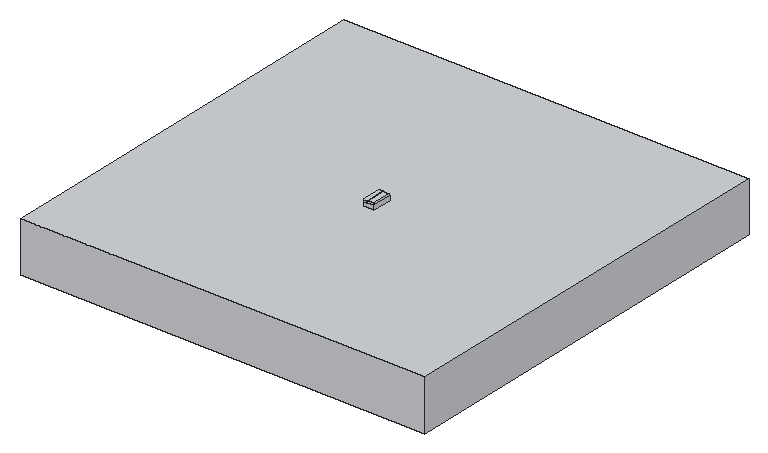
Revit family "M_Leitor de cartão", category Dispositivos de segurança, Revit 2019
Family settings
  Hospedeiro = Face
  Manter orientação da anotação = Sim
  Cota do conector redondo = Utilizar diâmetro
  Tipo de parte = Normal
  Número OmniClass = 23.85.30.11.11
  Título OmniClass = Access Control and Counting Systems
  ID de item do Seek = Card Reader-0000-CAN-ENU
  Corte com vazios quando carregada = Não
  Compartilhado = Não
  Ponto de cálculo do ambiente = Não
Parameters (values of type "Padrão")
  Comprimento 1 = Comprimento / 3  # 20.333 mm
  Altura da leitura = 10 mm
  Legenda = "CR"
  Elevação-padrão = 1200 mm
  Largura = 117 mm
  Material = none
  Comprimento = 61 mm
  Altura = 36 mm
Reference planes
  plane 1 "Centro (Frente/Trás)": y = 0
  plane 2: z = 0
  plane 3 "Centro (Esquerda/Direita)": x = 0
  plane 4: y = -117
  plane 5: x = -30.5
  plane 6: x = 30.5
  plane 7: z = 36
  plane 8: z = 26
  plane 9: x = -10.167
  plane 10: y = -2.54
  plane 11: y = -114.46
  plane 12: x = -27.96
  plane 13: x = -12.707
  plane 14: x = -7.627
  plane 15: x = 27.96
  plane 16: x = -5.087
Forms (mm)
  Extrusion 1, solid
    sketch origin (0, 0, 0) x (1, 0, 0) y (0, 1, 0)
      loop
        line (-1219.2, 1219.2) -> (-1219.2, -1219.2) -> (1219.2, -1219.2) -> (1219.2, 1219.2) -> (-1219.2, 1219.2)
    from 0 to -304.8
  Extrusion 2, solid, material <- "Material"
    sketch origin (0, 0, 0) x (1, 0, 0) y (0, 1, 0)
      loop
        line (-30.5, 0) -> (-30.5, -117) -> (30.5, -117) -> (30.5, 0) -> (-30.5, 0)
    from 0 to 26
  Extrusion 3, solid, material <- "Material"
    sketch origin (0, 0, 0) x (1, 0, 0) y (0, 1, 0)
      loop
        line (-30.5, -2.54) -> (-30.5, -114.46)
        arc (-30.5, -114.46) -> (-29.756, -116.256) -> (-27.96, -117) r 2.54
        line (-27.96, -117) -> (-12.707, -117)
        arc (-12.707, -117) -> (-10.911, -116.256) -> (-10.167, -114.46) r 2.54
        line (-10.167, -114.46) -> (-10.167, -2.54)
        arc (-10.167, -2.54) -> (-10.911, -0.744) -> (-12.707, 0) r 2.54
        line (-12.707, 0) -> (-27.96, 0)
        arc (-27.96, 0) -> (-29.756, -0.744) -> (-30.5, -2.54) r 2.54
    from 26 to 36
  Extrusion 4, solid, material <- "Material"
    sketch origin (0, 0, 0) x (1, 0, 0) y (0, 1, 0)
      loop
        line (27.96, 0) -> (-5.087, 0)
        arc (-5.087, 0) -> (-6.883, -0.744) -> (-7.627, -2.54) r 2.54
        line (-7.627, -2.54) -> (-7.627, -114.46)
        arc (-7.627, -114.46) -> (-6.883, -116.256) -> (-5.087, -117) r 2.54
        line (-5.087, -117) -> (27.96, -117)
        arc (27.96, -117) -> (29.756, -116.256) -> (30.5, -114.46) r 2.54
        line (30.5, -114.46) -> (30.5, -2.54)
        arc (30.5, -2.54) -> (29.756, -0.744) -> (27.96, 0) r 2.54
    from 26 to 36
Lines and regions (mm)
  symbolic lines, detail levels fine
    curve 1: line (-10.167, 0, 36) -> (-30.5, 0, 36)
    curve 2: line (-30.5, 0, 0) -> (30.5, 0, 0)
    curve 3: line (-30.5, 0, 26) -> (-30.5, 0, 0)
    curve 4: line (30.5, 0, 0) -> (30.5, 0, 26)
    curve 5: line (-30.5, 0, 36) -> (-30.5, 0, 26)
    curve 6: line (-10.167, 0, 36) -> (-10.167, 0, 26)
    curve 7: line (30.5, 0, 36) -> (30.5, 0, 26)
    curve 8: line (30.5, 0, 36) -> (-7.627, 0, 36)
    curve 9: line (30.5, 0, 26) -> (-30.5, 0, 26)
    curve 10: line (-7.627, 0, 36) -> (-7.627, 0, 26)
Dimensions and locks
  "Largura": plane 1 "Centro (Frente/Trás)" to plane 4
  "Altura da leitura": plane 7 to plane 8
  "Altura": plane 7 to plane 2
  "Comprimento 1": plane 5 to plane 9
  equal spacing: plane 5, plane 3 "Centro (Esquerda/Direita)", plane 6
  "Comprimento": plane 5 to plane 6
  locked: plane 1 "Centro (Frente/Trás)" to plane 10 at 2.54
  locked: plane 11 to plane 4 at 2.54
  locked: plane 5 to plane 12 at 2.54
  locked: plane 15 to plane 6 at 2.54
  locked: plane 13 to plane 9 at 2.54
  locked: plane 9 to plane 14 at 2.54
  locked: plane 14 to plane 16 at 2.54
  aligned and locked: plane 2 to Extrusion 1
  aligned and locked: level to Extrusion 1
  aligned and locked: plane 5 to Extrusion 2 sketch curve
  aligned and locked: plane 1 "Centro (Frente/Trás)" to Extrusion 2 sketch curve
  aligned and locked: plane 4 to Extrusion 2 sketch curve
  aligned and locked: Extrusion 2 sketch curve to plane 6
  aligned and locked: Extrusion 2 to plane 2
  aligned: plane 7 to Extrusion 2
  aligned and locked: plane 1 "Centro (Frente/Trás)" to nested 1
  aligned and locked: plane 3 "Centro (Esquerda/Direita)" to nested 1
  aligned and locked: plane 8 to Extrusion 2
  aligned and locked: plane 5 to Extrusion 3 sketch curve  (x2)
  aligned and locked: plane 13 to Extrusion 3 sketch curve
  aligned and locked: plane 9 to Extrusion 3 sketch curve
  aligned and locked: plane 11 to Extrusion 3 sketch curve  (x2)
  aligned and locked: plane 4 to Extrusion 3 sketch curve
  aligned and locked: plane 1 "Centro (Frente/Trás)" to Extrusion 3 sketch curve
  aligned and locked: Extrusion 3 sketch curve to plane 4
  aligned and locked: Extrusion 3 to plane 8
  aligned and locked: plane 7 to Extrusion 3
  aligned and locked: plane 15 to Extrusion 4 sketch curve
  aligned and locked: plane 6 to Extrusion 4 sketch curve
  aligned and locked: Extrusion 4 sketch curve to plane 6
  aligned and locked: Extrusion 4 to plane 8
  aligned and locked: plane 7 to Extrusion 4
  aligned and locked: curve 1 to Extrusion 3
  aligned and locked: curve 2 to Extrusion 2
  aligned and locked: curve 3 to Extrusion 2
  aligned and locked: curve 4 to Extrusion 2
  aligned and locked: curve 5 to Extrusion 3
  aligned and locked: curve 6 to Extrusion 3
  aligned and locked: curve 7 to Extrusion 4
  aligned and locked: plane 16 to Extrusion 4 sketch curve
  aligned and locked: plane 14 to Extrusion 4 sketch curve  (x2)
  aligned and locked: plane 11 to Extrusion 4 sketch curve
  aligned and locked: plane 4 to Extrusion 4 sketch curve  (x2)
  aligned and locked: plane 1 "Centro (Frente/Trás)" to Extrusion 4 sketch curve
  aligned and locked: curve 8 to Extrusion 4
  aligned and locked: curve 9 to Extrusion 2
  aligned and locked: curve 10 to Extrusion 4
Automatic sketch dimensions
  Extrusion 1 sketch curve to Extrusion 1 sketch curve = 2438.4 mm  (x2)
  Extrusion 3 sketch curve to plane 12 = 0 mm
  Extrusion 4 sketch curve to plane 11 = 0 mm
Nested families
  nested 1: "M_Anotação de leitor de cartão" at (0, 0, 0), type "Anotação do leitor de cartão", detail levels coarse+medium
Connectors
  electrical at (0, -58.5, 0)
    settings: on Extrusion 2, index 1, voltage 0 V, apparent load 0 VA, apparent load phase1 0 VA, apparent load phase2 0 VA, apparent load phase3 0 VA, power factor 1, load classification "Outros", number of poles 1, system type 10, power factor state 1, is connector primary yes, connector utility no, sub classification motor no, connector description ""
Definition of nested family "M_Anotação de leitor de cartão"
  Parameters
    Anotação de legenda = "CR"
  Reference planes
    plane 1: y = 0
    plane 2: x = 0
  Lines and regions (mm)
    reference lines
      curve 1: line (-10.133, 4.763, 0) -> (27.201, 4.763, 0)
      curve 2: line (-2.381, 6.601, 0) -> (-2.381, -3.326, 0)
      curve 3: line (2.381, 7.392, 0) -> (2.381, -4.621, 0)
    detail lines
      curve 4: line (-2.381, 4.763, 0) -> (2.381, 4.763, 0)
      curve 5: line (-2.381, 0, 0) -> (-2.381, 4.763, 0)
      curve 6: line (2.381, 0, 0) -> (-2.381, 0, 0)
      curve 7: line (2.381, 4.763, 0) -> (2.381, 0, 0)
  Text (mm)
    label "CR" at (-2.344, 2.065, 0), shows "Anotação de legenda"
  Dimensions and locks
    locked: plane 1 to curve 1 at 4.763
    locked: curve 2 to plane 2 at 2.381
    locked: plane 2 to curve 3 at 2.381
    aligned and locked: curve 1 to curve 4
    aligned and locked: curve 3 to curve 7
    aligned and locked: curve 6 to plane 1
    aligned and locked: curve 5 to curve 2
